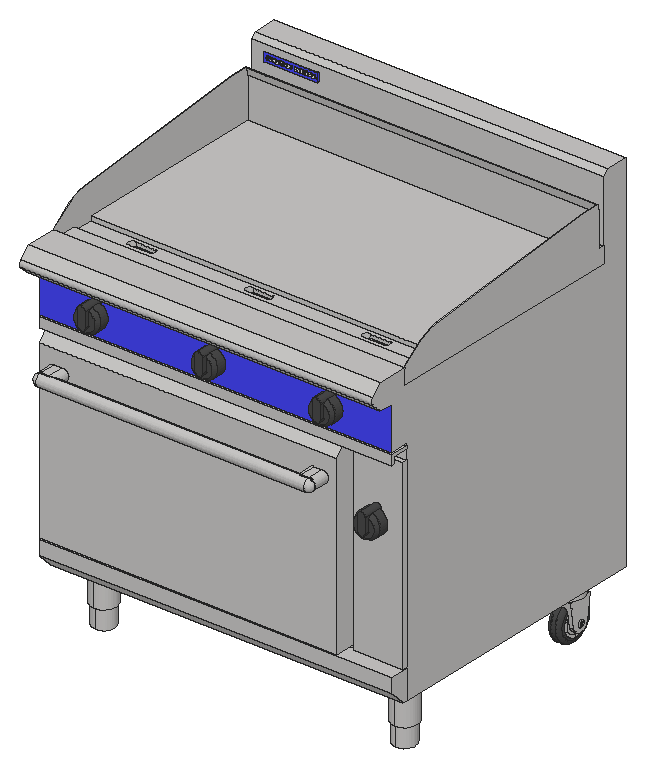
Revit family "QF_MOFFAT_BLUESEAL_CE_E56A", category Specialty Equipment, Revit 2012
Parameters
  Width = 900 mm  # constant formula
  Weight in Pounds = 440  # constant formula
  Watts = 16800 W
  Volts = 400 V
  URL Cutsheet = "www.moffat.com"
  URL = "www.moffat.com"
  Type Mark [instance] = ""
  Status [instance] = ""
  Specification by User [instance] = ""
  Specification by Manufacturer = ""
  Show Logo [instance] = yes
  Show Clearance [instance] = yes
  Show Casters [instance] = yes
  Serial Number = ""
  Seismic Rating = ""
  SMACNA No = ""
  Revision Code [instance] = ""
  Phase = 3
  Omniclass Number and Title = ""
  Number of Poles [instance] = 1
  NAFEM Spec ID Number = ""
  Model = "E56A"
  Min Ckt Ampacity = 0 A
  Max Overcurrent Protection = 0 A
  Masterspec = ""
  Manufacturer = "MOFFAT BLUESEAL"
  Legs [instance] = not(Show Casters)  # no
  Item Number [instance] = ""
  Installed By [instance] = ""
  Identify Quantity as Lot [instance] = yes
  Height = 970 mm  # constant formula
  HP = ""
  Furnished By [instance] = ""
  Foodservice Equipment Identifier [instance] = yes
  FL Amps = 20.9 A
  Electrical Remarks = "29.3A PER PHASE"
  Electric Connection Type = ""
  Elec Conn RI Height = 0 mm
  Elec Conn Connection Height = 0 mm
  Description = "900MM ELECTRIC RANGE WITH CONVECTION OVEN"
  Depth = 812 mm  # constant formula
  Cycle = 50 Hz
  Conn Plug = ""
  Conn Conduit = yes
  CSI MasterFormat = ""
  CSI Master Format = ""
  Body Finish = QF_Finishes_Stainless Steel
  Apparent Power = 0 VA
Reference planes
  plane 1 "BACK": y = 0
  plane 2: z = 0
  plane 3 "LEFT": x = 0
  plane 4 "RIGHT": x = 900
  plane 5 "FRONT": y = -812
  plane 6 "TOP": z = 970
  plane 7 "Center Y": x = 450
  plane 8 "Center X": y = -406
  plane 9: x = 280
  plane 10: y = -574.272
  plane 11: y = -304.972
  plane 12: y = -364.972
  plane 13: y = -812
  plane 14: x = 834.5
  plane 15: y = -32
  plane 16: z = 655
  plane 17: y = -100
  plane 18: z = 1085
  plane 19: y = -705
Forms (mm)
  Extrusion 1, solid, material "QF_Finishes_Stainless Steel" <- "Body Finish"
    sketch origin (0, 0, 0) x (0, 1, 0) y (0, 0, 1)
      loop
        line (0, 150) -> (0, 1085) -> (-57.5, 1085) -> (-70, 1072.5) -> (-70, 875) -> (-705, 875) -> (-705, 915) -> (-783.97, 915) -> (-808.476, 890.494)
        arc (-808.476, 890.494) -> (-811.994, 882) -> (-808.476, 873.506) r 12.013
        line (-808.476, 873.506) -> (-784.97, 850) -> (-749, 850) -> (-749, 740) -> (-699, 740) -> (-699, 150) -> (0, 150)
    from 0 to 900
  Extrusion 2, solid, material "QF_Finishes_Stainless Steel"
    sketch origin (0, 7, 0) x (0, 1, 0) y (0, 0, 1)
      loop
        line (-706, 700) -> (-732, 700) -> (-756, 676) -> (-756, 227.5) -> (-706, 227.5) -> (-706, 700)
    from 0 to 760
  Extrusion 3, solid, material "QF_Finishes_Stainless Steel"
    sketch origin (723.5, 7, 0) x (0, 1, 0) y (0, 0, 1)
      loop
        line (-706, 700) -> (-721, 700) -> (-721, 227.5) -> (-706, 227.5) -> (-706, 700)
    from 51.5 to 176.5
  Revolve 4, solid, material "QF_Finishes_Stainless Steel" <- "Body Finish"
    sketch origin (834.5, -696.126, 0) x (0, 1, 0) y (0, 0, -1)
      loop
        line (39.376, -150) -> (71.126, -150) -> (71.126, 0) -> (43.626, 0) -> (43.626, -50) -> (39.376, -50) -> (39.376, -150)
      axis (71.126, -150) -> (71.126, 0)
    angle from 0 to 360
  Revolve 5, solid, material "QF_Finishes_Stainless Steel" <- "Body Finish"
    sketch origin (65.5, -696.126, 0) x (0, 1, 0) y (0, 0, 1)
      loop
        line (39.376, 150) -> (39.376, 50) -> (43.626, 50) -> (43.626, 0) -> (71.126, 0) -> (71.126, 150) -> (39.376, 150)
      axis (71.126, 150) -> (71.126, 0)
    angle from 0 to 360
  Extrusion 6, solid, material "QF_Finishes_Stainless Steel"
    sketch origin (-64.5, 0, 325) x (1, 0, 0) y (0, 1, 0)
      loop
        circle (834.5, -32) r 10
    from 330 to 371
  Revolve 7, solid, material "QF_Finishes_Black"
    sketch origin (750, 45.874, -0.118) x (0, 1, 0) y (0, 0, 1)
      loop
        line (-827.874, 829.5) -> (-838.874, 823.651) -> (-838.874, 797) -> (-794.874, 797) -> (-794.874, 802) -> (-804.874, 802) -> (-804.874, 829.5) -> (-827.874, 829.5)
      axis (-838.874, 797) -> (-794.874, 797)
    angle from 0 to 360
  Revolve 8, solid, material "QF_Finishes_Black"
    sketch origin (150, 45.874, -0.118) x (0, 1, 0) y (0, 0, -1)
      loop
        line (-827.874, -829.5) -> (-804.874, -829.5) -> (-804.874, -802) -> (-794.874, -802) -> (-794.874, -797) -> (-838.874, -797) -> (-838.874, -823.651) -> (-827.874, -829.5)
      axis (-838.874, -797) -> (-794.874, -797)
    angle from 0 to 360
  Revolve 9, solid, material "QF_Finishes_Black"
    sketch origin (450, 45.874, -0.118) x (0, 1, 0) y (0, 0, -1)
      loop
        line (-827.874, -829.5) -> (-804.874, -829.5) -> (-804.874, -802) -> (-794.874, -802) -> (-794.874, -797) -> (-838.874, -797) -> (-838.874, -823.651) -> (-827.874, -829.5)
      axis (-838.874, -797) -> (-794.874, -797)
    angle from 0 to 360
  Extrusion 10, solid, material "QF_Finishes_Black"
    sketch origin (297.807, 7, -0.118) x (-1, 0, 0) y (0, 0, -1)
      loop
        arc (158.3, -789) -> (148.3, -779) -> (138.3, -789) r 10
        line (138.3, -789) -> (138.3, -824)
        arc (138.3, -824) -> (148.3, -834) -> (158.3, -824) r 10
        line (158.3, -824) -> (158.3, -789)
    from 759 to 808
  Extrusion 11, solid, material "QF_Finishes_Black"
    sketch origin (602.193, 7, -0.118) x (1, 0, 0) y (0, 0, 1)
      loop
        line (158.3, 789) -> (158.3, 824)
        arc (158.3, 824) -> (148.3, 834) -> (138.3, 824) r 10
        line (138.3, 824) -> (138.3, 789)
        arc (138.3, 789) -> (148.3, 779) -> (158.3, 789) r 10
    from 759 to 808
  Extrusion 12, solid, material "QF_Finishes_Black"
    sketch origin (597.807, 7, -0.118) x (-1, 0, 0) y (0, 0, -1)
      loop
        arc (158.3, -789) -> (148.3, -779) -> (138.3, -789) r 10
        line (138.3, -789) -> (138.3, -824)
        arc (138.3, -824) -> (148.3, -834) -> (158.3, -824) r 10
        line (158.3, -824) -> (158.3, -789)
    from 759 to 808
  Revolve 13, solid, material "QF_Finishes_Black"
    sketch origin (836.851, 80.874, -245.743) x (0, 1, 0) y (0, 0, 1)
      loop
        line (-827.874, 829.5) -> (-838.874, 823.651) -> (-838.874, 797) -> (-794.874, 797) -> (-794.874, 802) -> (-804.874, 802) -> (-804.874, 829.5) -> (-827.874, 829.5)
      axis (-838.874, 797) -> (-794.874, 797)
    angle from 0 to 360
  Extrusion 14, solid, material "QF_Finishes_Black"
    sketch origin (689.044, 42, -245.743) x (1, 0, 0) y (0, 0, 1)
      loop
        line (158.3, 789) -> (158.3, 824)
        arc (158.3, 824) -> (148.3, 834) -> (138.3, 824) r 10
        line (138.3, 824) -> (138.3, 789)
        arc (138.3, 789) -> (148.3, 779) -> (158.3, 789) r 10
    from 759 to 808
  Extrusion 15, solid, material "QF_Door-Drawer Clearances", visible <- "Show Clearance", detail levels coarse
    sketch origin (0, 7, 0) x (0, -1, 0) y (0, 0, 1)
      loop
        line (756, 697.347) -> (756, 227.5) -> (1225.847, 227.5)
        arc (1225.847, 227.5) -> (1088.232, 559.732) -> (756, 697.347) r 469.847
    from 0 to -760
  Extrusion 16, void
    sketch origin (0, 0, 220) x (1, 0, 0) y (0, 1, 0)
      loop
        line (824, -87) -> (824, 0) -> (694, 0) -> (694, -39) -> (744, -87) -> (824, -87)
    from 0 to 476
  Extrusion 17, solid, material "QF_Finishes_Stainless Steel"
    sketch origin (0, -749, 227.5) x (0, 0, 1) y (-1, 0, 0)
      loop
        line (380.625, -38.246) -> (380.625, -58.528)
        arc (380.625, -58.528) -> (395.625, -73.528) -> (410.625, -58.528) r 15
        line (410.625, -58.528) -> (410.625, -38.246)
        arc (410.625, -38.246) -> (395.625, -23.246) -> (380.625, -38.246) r 15
      loop
        arc (380.625, -723.039) -> (395.625, -738.039) -> (410.625, -723.039) r 15
        line (410.625, -723.039) -> (410.625, -702.757)
        arc (410.625, -702.757) -> (395.625, -687.757) -> (380.625, -702.757) r 15
        line (380.625, -702.757) -> (380.625, -723.039)
    from 0 to 44
  Revolve 18, solid, material "QF_Finishes_Stainless Steel"
    sketch origin (0, -793, 0) x (1, 0, 0) y (0, 0, 1)
      loop
        arc (738.039, 623.125) -> (733.646, 633.732) -> (723.039, 638.125) r 15
        line (723.039, 638.125) -> (38.246, 638.125)
        arc (38.246, 638.125) -> (27.64, 633.732) -> (23.246, 623.125) r 15
        line (23.246, 623.125) -> (738.039, 623.125)
      axis (738.039, 623.125) -> (23.246, 623.125)
    angle from 0 to 360
  Extrusion 19, solid, material "QF_Finishes_Stainless Steel" <- "Body Finish"
    sketch origin (0, 7, 0) x (0, 1, 0) y (0, 0, 1)
      loop
        line (-756, 710) -> (-747.224, 710) -> (-749.613, 726.999) -> (-707.93, 726.999) -> (-707.93, 734.003) -> (-756, 734.003) -> (-756, 710)
    from 0 to 900
  Extrusion 20, solid, material "QF_Finishes_Stainless Steel" <- "Body Finish"
    sketch origin (0, 4.73, 0) x (0, 1, 0) y (0, 0, 1)
      loop
        line (-753.73, 222.5) -> (-753.73, 186) -> (-717.73, 150) -> (-703.73, 150) -> (-703.73, 222.5) -> (-753.73, 222.5)
    from 0 to 900
  Extrusion 21, solid, material "QF_Finishes_Stainless Steel", visible <- "Show Casters"
    sketch origin (71.501, 133.353, -8.783) x (0, 1, 0) y (0, 0, 1)
      loop
        line (-201.603, 118.783) -> (-265.103, 118.783) -> (-252.746, 53.895)
        arc (-252.746, 53.895) -> (-233.353, 38.783) -> (-213.959, 53.895) r 20
        line (-213.959, 53.895) -> (-201.603, 118.783)
    from -35.667 to 22.923
  Revolve 22, solid, material "QF_Finishes_Stainless Steel", visible <- "Show Casters"
    sketch origin (65, -203, 0) x (0, 1, 0) y (0, 0, 1)
      loop
        line (67.25, 150) -> (67.25, 110) -> (103, 110) -> (103, 150) -> (67.25, 150)
      axis (103, 150) -> (103, 110)
    angle from 0 to 360
  Revolve 23, solid, material "QF_Finishes_Stainless Steel", visible <- "Show Casters"
    sketch origin (834.5, -203, 0) x (0, 1, 0) y (0, 0, -1)
      loop
        line (67.25, -150) -> (103, -150) -> (103, -110) -> (67.25, -110) -> (67.25, -150)
      axis (103, -150) -> (103, -110)
    angle from 0 to 360
  Revolve 24, solid, material "QF_Finishes_Stainless Steel", visible <- "Show Casters"
    sketch origin (785.276, -99.755, -13.653) x (1, 0, 0) y (0, 0, 1)
      loop
        line (14.841, 64.453) -> (83.584, 64.453) -> (83.584, 67.958) -> (82.314, 69.228) -> (80.79, 69.228) -> (80.79, 72.674) -> (68.644, 72.674) -> (68.644, 82.639) -> (65.088, 84.692) -> (63.738, 93.028) -> (65.881, 93.028) -> (65.881, 99.378) -> (65.088, 99.378) -> (65.088, 105.728)
        arc (65.088, 105.728) -> (62.298, 112.463) -> (55.563, 115.253) r 9.525
        line (55.563, 115.253) -> (42.863, 115.253)
        arc (42.863, 115.253) -> (36.127, 112.463) -> (33.338, 105.728) r 9.525
        line (33.338, 105.728) -> (33.338, 99.378) -> (32.544, 99.378) -> (32.544, 93.028) -> (34.687, 93.028) -> (33.352, 84.781) -> (29.782, 82.719) -> (29.782, 72.674) -> (17.635, 72.674) -> (17.635, 69.228) -> (16.111, 69.228) -> (14.841, 67.958) -> (14.841, 64.453)
      axis (14.841, 64.453) -> (83.584, 64.453)
    angle from 0 to 360
  Extrusion 25, solid, material "QF_Finishes_Stainless Steel", visible <- "Show Casters"
    sketch origin (841.001, 133.353, -8.783) x (0, 1, 0) y (0, 0, 1)
      loop
        line (-201.603, 118.783) -> (-265.103, 118.783) -> (-252.746, 53.895)
        arc (-252.746, 53.895) -> (-233.353, 38.783) -> (-213.959, 53.895) r 20
        line (-213.959, 53.895) -> (-201.603, 118.783)
    from -35.667 to 22.923
  Revolve 26, solid, material "QF_Finishes_Stainless Steel", visible <- "Legs"
    sketch origin (65, -165, 0) x (0, 1, 0) y (0, 0, 1)
      loop
        line (33.25, 150) -> (33.25, 50) -> (37.5, 50) -> (37.5, 0) -> (65, 0) -> (65, 150) -> (33.25, 150)
      axis (65, 150) -> (65, 0)
    angle from 0 to 360
  Revolve 27, solid, material "QF_Finishes_Stainless Steel", visible <- "Legs"
    sketch origin (834.5, -165, 0) x (0, 1, 0) y (0, 0, -1)
      loop
        line (33.25, -150) -> (65, -150) -> (65, 0) -> (37.5, 0) -> (37.5, -50) -> (33.25, -50) -> (33.25, -150)
      axis (65, -150) -> (65, 0)
    angle from 0 to 360
  Revolve 28, solid, material "QF_Finishes_Stainless Steel", visible <- "Show Casters"
    sketch origin (114.224, -99.755, -13.653) x (-1, 0, 0) y (0, 0, -1)
      loop
        line (14.841, -64.453) -> (14.841, -67.958) -> (16.111, -69.228) -> (17.635, -69.228) -> (17.635, -72.674) -> (29.782, -72.674) -> (29.782, -82.719) -> (33.352, -84.781) -> (34.687, -93.028) -> (32.544, -93.028) -> (32.544, -99.378) -> (33.338, -99.378) -> (33.338, -105.728)
        arc (33.338, -105.728) -> (36.127, -112.463) -> (42.863, -115.253) r 9.525
        line (42.863, -115.253) -> (55.563, -115.253)
        arc (55.563, -115.253) -> (62.298, -112.463) -> (65.088, -105.728) r 9.525
        line (65.088, -105.728) -> (65.088, -99.378) -> (65.881, -99.378) -> (65.881, -93.028) -> (63.738, -93.028) -> (65.088, -84.692) -> (68.644, -82.639) -> (68.644, -72.674) -> (80.79, -72.674) -> (80.79, -69.228) -> (82.314, -69.228) -> (83.584, -67.958) -> (83.584, -64.453) -> (14.841, -64.453)
      axis (14.841, -64.453) -> (83.584, -64.453)
    angle from 0 to 360
  Extrusion 29, solid, material "QF_Finishes_Stainless Steel"
    sketch origin (0, 0, 0) x (1, 0, 0) y (0, 1, 0)
      loop
        circle (826, -501) r 6.35
    from 150 to 147.817
Cuts and joins
  Extrusion 16 cuts Extrusion 1
Lines and regions (mm)
  Split face 1
    outline origin (900, 0, 1085) x (-1, 0, 0) y (0, -1, 0)
      loop
        arc (867.206, 18.385) -> (875.866, 23.385) -> (875.866, 33.385) r 10
        line (875.866, 33.385) -> (871.824, 40.385)
        arc (871.824, 40.385) -> (868.164, 44.045) -> (863.164, 45.385) r 10
        line (863.164, 45.385) -> (635.206, 45.385)
        arc (635.206, 45.385) -> (626.545, 40.385) -> (626.545, 30.385) r 10
        line (626.545, 30.385) -> (630.587, 23.385)
        arc (630.587, 23.385) -> (634.247, 19.725) -> (639.247, 18.385) r 10
        line (639.247, 18.385) -> (867.206, 18.385)
  Split face 2
    outline origin (900, 0, 1085) x (-1, 0, 0) y (0, -1, 0)
      loop
        arc (567.206, 18.385) -> (575.866, 23.385) -> (575.866, 33.385) r 10
        line (575.866, 33.385) -> (571.824, 40.385)
        arc (571.824, 40.385) -> (568.164, 44.045) -> (563.164, 45.385) r 10
        line (563.164, 45.385) -> (335.206, 45.385)
        arc (335.206, 45.385) -> (326.545, 40.385) -> (326.545, 30.385) r 10
        line (326.545, 30.385) -> (330.587, 23.385)
        arc (330.587, 23.385) -> (334.247, 19.725) -> (339.247, 18.385) r 10
        line (339.247, 18.385) -> (567.206, 18.385)
  Split face 3
    outline origin (900, 0, 1085) x (-1, 0, 0) y (0, -1, 0)
      loop
        arc (35.206, 45.385) -> (26.545, 40.385) -> (26.545, 30.385) r 10
        line (26.545, 30.385) -> (30.587, 23.385)
        arc (30.587, 23.385) -> (34.247, 19.725) -> (39.247, 18.385) r 10
        line (39.247, 18.385) -> (267.206, 18.385)
        arc (267.206, 18.385) -> (275.866, 23.385) -> (275.866, 33.385) r 10
        line (275.866, 33.385) -> (271.824, 40.385)
        arc (271.824, 40.385) -> (268.164, 44.045) -> (263.164, 45.385) r 10
        line (263.164, 45.385) -> (35.206, 45.385)
  symbolic lines
    curve 1: line (0, 0, 0) -> (0, -812, 0)
    curve 2: line (900, 0, 0) -> (0, 0, 0)
    curve 3: line (900, -812, 0) -> (900, 0, 0)
    curve 4: line (0, -70, 0) -> (900, -70, 0)
    curve 5: line (900, -812, 0) -> (0, -812, 0)
    curve 6: line (900, -705, 0) -> (0, -705, 0)
    curve 7: arc (22.65, -812, 0) -> (34.104, -822.278, 0) -> (48.889, -826.544, 0) r 34.455
    curve 8: line (48.889, -826.544, 0) -> (721.858, -826.544, 0)
    curve 9: arc (721.858, -826.544, 0) -> (736.403, -822.647, 0) -> (747.05, -812, 0) r 29.089
    curve 13: line (32.794, -18.385, 0) -> (260.753, -18.385, 0)
    curve 14: arc (260.753, -18.385, 0) -> (265.753, -19.725, 0) -> (269.413, -23.385, 0) r 10
    curve 15: line (269.413, -23.385, 0) -> (273.455, -30.385, 0)
    curve 16: arc (273.455, -30.385, 0) -> (273.455, -40.385, 0) -> (264.794, -45.385, 0) r 10
    curve 17: line (264.794, -45.385, 0) -> (36.836, -45.385, 0)
    curve 18: arc (36.836, -45.385, 0) -> (31.836, -44.045, 0) -> (28.176, -40.385, 0) r 10
    curve 19: line (28.176, -40.385, 0) -> (24.134, -33.385, 0)
    curve 20: arc (24.134, -33.385, 0) -> (24.134, -23.385, 0) -> (32.794, -18.385, 0) r 10
    curve 21: line (560.753, -18.385, 0) -> (332.794, -18.385, 0)
    curve 22: arc (332.794, -18.385, 0) -> (324.134, -23.385, 0) -> (324.134, -33.385, 0) r 10
    curve 23: line (324.134, -33.385, 0) -> (328.176, -40.385, 0)
    curve 24: arc (328.176, -40.385, 0) -> (331.836, -44.045, 0) -> (336.836, -45.385, 0) r 10
    curve 25: line (336.836, -45.385, 0) -> (564.794, -45.385, 0)
    curve 26: arc (564.794, -45.385, 0) -> (573.455, -40.385, 0) -> (573.455, -30.385, 0) r 10
    curve 27: line (573.455, -30.385, 0) -> (569.413, -23.385, 0)
    curve 28: arc (569.413, -23.385, 0) -> (565.753, -19.725, 0) -> (560.753, -18.385, 0) r 10
    curve 29: line (632.794, -18.385, 0) -> (860.753, -18.385, 0)
    curve 30: arc (860.753, -18.385, 0) -> (865.753, -19.725, 0) -> (869.413, -23.385, 0) r 10
    curve 31: line (869.413, -23.385, 0) -> (873.455, -30.385, 0)
    curve 32: arc (873.455, -30.385, 0) -> (873.455, -40.385, 0) -> (864.794, -45.385, 0) r 10
    curve 33: line (864.794, -45.385, 0) -> (636.836, -45.385, 0)
    curve 34: arc (636.836, -45.385, 0) -> (631.836, -44.045, 0) -> (628.176, -40.385, 0) r 10
    curve 35: line (628.176, -40.385, 0) -> (624.134, -33.385, 0)
    curve 36: arc (624.134, -33.385, 0) -> (624.134, -23.385, 0) -> (632.794, -18.385, 0) r 10
    curve 37: line (0, -783.97, 0) -> (900, -783.97, 0)
    curve 38: line (0, -57.5, 0) -> (900, -57.5, 0)
  symbolic lines, style "QF_Door-Drawer Clearances"
    curve 10: line (0, -1218.847, 0) -> (0, -812, 0)
    curve 11: line (0, -1218.847, 0) -> (760, -1218.847, 0)
    curve 12: line (760, -1218.847, 0) -> (760, -812, 0)
  symbolic lines, style "SpecialityEquipmentHiddenLines", visible <- "Show Casters"
    curve 39: line (106.952, -62.61, 0) -> (56.152, -150.598, 0)
    curve 40: line (79.456, -46.735, 0) -> (106.952, -62.61, 0)
    curve 41: line (28.656, -134.723, 0) -> (79.456, -46.735, 0)
    curve 42: line (56.152, -150.598, 0) -> (28.656, -134.723, 0)
    curve 43: line (866.952, -62.61, 0) -> (816.152, -150.598, 0)
    curve 44: line (839.456, -46.735, 0) -> (866.952, -62.61, 0)
    curve 45: line (788.656, -134.723, 0) -> (839.456, -46.735, 0)
    curve 46: line (816.152, -150.598, 0) -> (788.656, -134.723, 0)
Dimensions and locks
  equal spacing: plane 3 "LEFT", plane 7 "Center Y", plane 4 "RIGHT"
  "Width": plane 3 "LEFT" to plane 4 "RIGHT"
  equal spacing: plane 5 "FRONT", plane 8 "Center X", plane 1 "BACK"
  plane 5 "FRONT" to plane 1 "BACK" = 812 mm  (x2)
  equal spacing: plane 4 "RIGHT", plane 7 "Center Y", plane 3 "LEFT"
  plane 4 "RIGHT" to plane 3 "LEFT" = 900 mm
  "Height": plane 6 "TOP" to level
  plane 10 to plane 1 "BACK" = 574.272 mm
  plane 11 to plane 1 "BACK" = 304.972 mm  (x2)
  plane 9 to plane 3 "LEFT" = 280 mm
  "Depth": plane 1 "BACK" to plane 13
  plane 13 to plane 5 "FRONT" = 0 mm
  plane 6 "TOP" to plane 2 = 970 mm
  plane 2 to Extrusion 1 sketch curve = 875 mm
  locked: plane 2 to Extrusion 1 sketch curve at 915
  Revolve 24 sketch curve to Revolve 24 sketch curve = 50.8 mm
  Revolve 28 sketch curve to Revolve 28 sketch curve = 50.8 mm
  plane 18 to level = 1085 mm
  Extrusion 29 sketch curve to plane 1 "BACK" = 501 mm
  Extrusion 29 sketch curve to plane 4 "RIGHT" = 74 mm
  aligned and locked: level to plane 2
  aligned and locked: curve 3 to plane 4 "RIGHT"
Automatic sketch dimensions
  Extrusion 1 sketch curve to plane 19 = 0 mm
  Extrusion 1 sketch curve to plane 18 = 0 mm
  Extrusion 1 sketch curve to plane 1 "BACK" = 0 mm
  plane 19 to Extrusion 1 sketch curve = 44 mm
  Extrusion 1 sketch curve to plane 5 "FRONT" = 28.03 mm
  Extrusion 1 sketch curve to plane 5 "FRONT" = 27.03 mm
  Extrusion 1 sketch curve to plane 5 "FRONT" = 12.018 mm
  Extrusion 1 sketch curve to plane 5 "FRONT" = 3.524 mm  (x2)
  Extrusion 1 sketch curve to plane 19 = 6 mm
  Extrusion 1 sketch curve to plane 18 = 12.5 mm
  plane 17 to Extrusion 1 sketch curve = 30 mm
  Extrusion 1 sketch curve to Extrusion 1 sketch curve = 12.5 mm
  Extrusion 1 sketch curve to Extrusion 1 sketch curve = 41.494 mm
  Extrusion 1 sketch curve to Extrusion 1 sketch curve = 25 mm
  plane 16 to Extrusion 1 sketch curve = 85 mm
  level to Extrusion 1 sketch curve = 150 mm
  Extrusion 1 sketch curve to Extrusion 1 sketch curve = 8.494 mm
  plane 19 to Extrusion 2 sketch curve = 20 mm
  Extrusion 2 sketch curve to plane 19 = 6 mm
  level to Extrusion 2 sketch curve = 227.5 mm
  plane 19 to Extrusion 3 sketch curve = 9 mm
  Extrusion 3 sketch curve to plane 19 = 6 mm
  level to Extrusion 3 sketch curve = 227.5 mm
  plane 16 to Extrusion 3 sketch curve = 45 mm
  Revolve 4 sketch curve to level = 0 mm
  Revolve 4 sketch curve to plane 19 = 48.25 mm
  Revolve 4 sketch curve to Revolve 4 sketch curve = 4.25 mm
  Revolve 4 sketch curve to Revolve 4 sketch curve = 27.5 mm  (x2)
  level to Revolve 4 sketch curve = 50 mm
  Revolve 4 sketch curve to Revolve 4 sketch curve = 0 mm
  Revolve 4 sketch curve to Revolve 4 sketch curve = 100 mm
  Revolve 4 sketch curve to Revolve 4 sketch curve = 55 mm
  Revolve 5 sketch curve to level = 0 mm
  Revolve 5 sketch curve to plane 19 = 48.25 mm
  Revolve 5 sketch curve to Revolve 5 sketch curve = 4.25 mm
  Revolve 5 sketch curve to Revolve 5 sketch curve = 27.5 mm  (x2)
  Revolve 5 sketch curve to level = 55 mm
  Revolve 5 sketch curve to Revolve 5 sketch curve = 50 mm
  Revolve 5 sketch curve to Revolve 5 sketch curve = 0 mm
  Revolve 5 sketch curve to Revolve 5 sketch curve = 100 mm
  Extrusion 6 sketch curve to plane 15 = 0 mm
  Extrusion 6 sketch curve to plane 14 = 64.5 mm
  Revolve 7 sketch curve to plane 5 "FRONT" = 19 mm
  Revolve 7 sketch curve to Revolve 7 sketch curve = 0 mm  (x2)
  Revolve 7 sketch curve to Revolve 7 sketch curve = 11 mm
  Revolve 7 sketch curve to Revolve 7 sketch curve = 12.7 mm
  Revolve 7 sketch curve to Revolve 7 sketch curve = 23 mm
  Revolve 7 sketch curve to Revolve 7 sketch curve = 10 mm
  plane 16 to Revolve 7 sketch curve = 141.882 mm
  Revolve 7 sketch curve to Revolve 7 sketch curve = 5 mm
  Revolve 7 sketch curve to Revolve 7 sketch curve = 26.651 mm
  Revolve 7 sketch curve to Revolve 7 sketch curve = 5.849 mm
  Revolve 8 sketch curve to plane 5 "FRONT" = 19 mm
  Revolve 8 sketch curve to Revolve 8 sketch curve = 0 mm  (x2)
  Revolve 8 sketch curve to Revolve 8 sketch curve = 11 mm
  Revolve 8 sketch curve to Revolve 8 sketch curve = 12.7 mm
  Revolve 8 sketch curve to Revolve 8 sketch curve = 23 mm
  Revolve 8 sketch curve to Revolve 8 sketch curve = 10 mm
  Revolve 8 sketch curve to plane 6 "TOP" = 140.618 mm
  Revolve 8 sketch curve to Revolve 8 sketch curve = 5.849 mm
  Revolve 8 sketch curve to Revolve 8 sketch curve = 27.5 mm
  Revolve 8 sketch curve to Revolve 8 sketch curve = 5 mm
  Revolve 9 sketch curve to plane 5 "FRONT" = 19 mm
  Revolve 9 sketch curve to Revolve 9 sketch curve = 0 mm  (x2)
  Revolve 9 sketch curve to Revolve 9 sketch curve = 11 mm
  Revolve 9 sketch curve to Revolve 9 sketch curve = 12.7 mm
  Revolve 9 sketch curve to Revolve 9 sketch curve = 23 mm
  Revolve 9 sketch curve to Revolve 9 sketch curve = 10 mm
  Revolve 9 sketch curve to plane 6 "TOP" = 140.618 mm
  Revolve 9 sketch curve to Revolve 9 sketch curve = 5.849 mm
  Revolve 9 sketch curve to Revolve 9 sketch curve = 27.5 mm
  Revolve 9 sketch curve to Revolve 9 sketch curve = 5 mm
  Extrusion 10 sketch curve to Extrusion 10 sketch curve = 10 mm
  Extrusion 10 sketch curve to plane 6 "TOP" = 146.118 mm
  Extrusion 10 sketch curve to Extrusion 10 sketch curve = 35 mm
  Extrusion 11 sketch curve to plane 14 = 94.007 mm
  Extrusion 11 sketch curve to plane 14 = 84.007 mm
  plane 16 to Extrusion 11 sketch curve = 133.882 mm
  Extrusion 11 sketch curve to Extrusion 11 sketch curve = 35 mm
  plane 7 "Center Y" to Extrusion 12 sketch curve = 9.507 mm
  Extrusion 12 sketch curve to Extrusion 12 sketch curve = 10 mm
  Extrusion 12 sketch curve to plane 6 "TOP" = 146.118 mm
  Extrusion 12 sketch curve to Extrusion 12 sketch curve = 35 mm
  Revolve 13 sketch curve to plane 5 "FRONT" = 54 mm
  Revolve 13 sketch curve to Revolve 13 sketch curve = 0 mm  (x2)
  Revolve 13 sketch curve to Revolve 13 sketch curve = 11 mm
  Revolve 13 sketch curve to Revolve 13 sketch curve = 12.7 mm
  plane 19 to Revolve 13 sketch curve = 19 mm
  plane 19 to Revolve 13 sketch curve = 9 mm
  Revolve 13 sketch curve to plane 16 = 103.743 mm
  Revolve 13 sketch curve to Revolve 13 sketch curve = 5 mm
  Revolve 13 sketch curve to Revolve 13 sketch curve = 26.651 mm
  Revolve 13 sketch curve to Revolve 13 sketch curve = 5.849 mm
  Extrusion 14 sketch curve to plane 14 = 7.156 mm
  plane 14 to Extrusion 14 sketch curve = 2.844 mm
  Extrusion 14 sketch curve to plane 16 = 111.743 mm
  Extrusion 14 sketch curve to Extrusion 14 sketch curve = 35 mm
  plane 19 to Extrusion 15 sketch curve = 44 mm
  level to Extrusion 15 sketch curve = 227.5 mm
  plane 5 "FRONT" to Extrusion 15 sketch curve = 406.847 mm
  plane 1 "BACK" to Extrusion 16 sketch curve = 0 mm
  Extrusion 16 sketch curve to plane 15 = 7 mm
  Extrusion 16 sketch curve to plane 14 = 140.5 mm
  plane 17 to Extrusion 16 sketch curve = 13 mm
  Extrusion 16 sketch curve to Extrusion 16 sketch curve = 50 mm
  Extrusion 16 sketch curve to plane 14 = 10.5 mm
  Extrusion 17 sketch curve to plane 16 = 46.875 mm  (x2)
  Extrusion 17 sketch curve to Extrusion 17 sketch curve = 15 mm  (x2)
  Extrusion 17 sketch curve to plane 14 = 131.743 mm
  Extrusion 17 sketch curve to Extrusion 17 sketch curve = 20.282 mm  (x2)
  Revolve 18 sketch curve to plane 3 "LEFT" = 6.961 mm
  plane 3 "LEFT" to Revolve 18 sketch curve = 23.246 mm
  Revolve 18 sketch curve to plane 16 = 16.875 mm
  Revolve 18 sketch curve to Revolve 18 sketch curve = 15 mm
  Revolve 18 sketch curve to plane 16 = 31.875 mm
  plane 7 "Center Y" to Revolve 18 sketch curve = 138.039 mm
  Revolve 18 sketch curve to plane 14 = 111.461 mm
  plane 19 to Extrusion 19 sketch curve = 44 mm
  Extrusion 19 sketch curve to Extrusion 19 sketch curve = 6.387 mm
  Extrusion 19 sketch curve to Extrusion 19 sketch curve = 8.776 mm
  Extrusion 19 sketch curve to plane 19 = 4.07 mm
  plane 16 to Extrusion 19 sketch curve = 55 mm
  Extrusion 19 sketch curve to Extrusion 19 sketch curve = 16.999 mm
  Extrusion 19 sketch curve to Extrusion 19 sketch curve = 7.004 mm
  plane 19 to Extrusion 20 sketch curve = 44 mm
  Extrusion 20 sketch curve to Extrusion 20 sketch curve = 36.5 mm
  Extrusion 21 sketch curve to plane 17 = 0 mm
  Extrusion 21 sketch curve to plane 17 = 19.393 mm
  Extrusion 21 sketch curve to plane 17 = 31.75 mm
  plane 17 to Extrusion 21 sketch curve = 19.393 mm
  plane 17 to Extrusion 21 sketch curve = 31.75 mm
  level to Extrusion 21 sketch curve = 45.111 mm
  Extrusion 21 sketch curve to Extrusion 21 sketch curve = 4.889 mm
  Extrusion 21 sketch curve to Extrusion 21 sketch curve = 64.889 mm
  Revolve 22 sketch curve to plane 17 = 0 mm  (x2)
  Revolve 22 sketch curve to plane 17 = 35.75 mm
  Revolve 22 sketch curve to level = 55 mm
  level to Revolve 22 sketch curve = 50 mm
  Revolve 22 sketch curve to Revolve 22 sketch curve = 60 mm
  Revolve 22 sketch curve to Revolve 22 sketch curve = 40 mm
  Revolve 23 sketch curve to plane 17 = 0 mm  (x2)
  Revolve 23 sketch curve to plane 17 = 35.75 mm
  level to Revolve 23 sketch curve = 150 mm
  Revolve 23 sketch curve to Revolve 23 sketch curve = 40 mm
  level to Revolve 23 sketch curve = 50 mm
  Revolve 23 sketch curve to level = 55 mm
  Revolve 24 sketch curve to plane 14 = 34.382 mm
  Revolve 24 sketch curve to Revolve 24 sketch curve = 1.27 mm  (x4)
  Revolve 24 sketch curve to Revolve 24 sketch curve = 1.524 mm  (x2)
  Revolve 24 sketch curve to Revolve 24 sketch curve = 12.146 mm  (x2)
  Revolve 24 sketch curve to plane 14 = 16.68 mm
  Revolve 24 sketch curve to Revolve 24 sketch curve = 0.794 mm  (x2)
  Revolve 24 sketch curve to Revolve 24 sketch curve = 3.57 mm
  Revolve 24 sketch curve to Revolve 24 sketch curve = 2.143 mm
  Revolve 24 sketch curve to plane 14 = 6.361 mm
  plane 14 to Revolve 24 sketch curve = 5.13 mm
  plane 14 to Revolve 24 sketch curve = 6.339 mm
  plane 14 to Revolve 24 sketch curve = 14.515 mm
  Revolve 24 sketch curve to Revolve 24 sketch curve = 1.349 mm  (x2)
  Revolve 24 sketch curve to Revolve 24 sketch curve = 3.556 mm
  Revolve 24 sketch curve to plane 4 "RIGHT" = 2.18 mm
  level to Revolve 24 sketch curve = 50.8 mm
  Revolve 24 sketch curve to Revolve 24 sketch curve = 0 mm
  Revolve 24 sketch curve to Revolve 24 sketch curve = 3.505 mm  (x2)
  Revolve 24 sketch curve to Revolve 24 sketch curve = 3.447 mm  (x2)
  Revolve 24 sketch curve to Revolve 24 sketch curve = 9.964 mm
  Revolve 24 sketch curve to Revolve 24 sketch curve = 10.045 mm
  Revolve 24 sketch curve to Revolve 24 sketch curve = 2.053 mm
  Revolve 24 sketch curve to Revolve 24 sketch curve = 2.061 mm
  Revolve 24 sketch curve to Revolve 24 sketch curve = 8.247 mm
  Revolve 24 sketch curve to Revolve 24 sketch curve = 8.336 mm
  Revolve 24 sketch curve to Revolve 24 sketch curve = 6.35 mm  (x2)
  Extrusion 25 sketch curve to plane 17 = 0 mm
  Extrusion 25 sketch curve to plane 17 = 19.393 mm
  Extrusion 25 sketch curve to plane 17 = 31.75 mm
  plane 17 to Extrusion 25 sketch curve = 19.393 mm
  plane 17 to Extrusion 25 sketch curve = 31.75 mm
  level to Extrusion 25 sketch curve = 45.111 mm
  Extrusion 25 sketch curve to Extrusion 25 sketch curve = 4.889 mm
  Extrusion 25 sketch curve to Extrusion 25 sketch curve = 64.889 mm
  Revolve 26 sketch curve to level = 0 mm
  Revolve 26 sketch curve to plane 17 = 0 mm  (x2)
  Revolve 26 sketch curve to Revolve 26 sketch curve = 27.5 mm
  Revolve 26 sketch curve to Revolve 26 sketch curve = 31.75 mm
  Revolve 26 sketch curve to level = 55 mm
  Revolve 26 sketch curve to Revolve 26 sketch curve = 50 mm
  Revolve 26 sketch curve to Revolve 26 sketch curve = 0 mm
  Revolve 26 sketch curve to Revolve 26 sketch curve = 100 mm
  Revolve 27 sketch curve to level = 0 mm
  Revolve 27 sketch curve to plane 17 = 0 mm  (x2)
  Revolve 27 sketch curve to Revolve 27 sketch curve = 27.5 mm
  Revolve 27 sketch curve to Revolve 27 sketch curve = 31.75 mm
  level to Revolve 27 sketch curve = 50 mm
  Revolve 27 sketch curve to Revolve 27 sketch curve = 0 mm
  Revolve 27 sketch curve to Revolve 27 sketch curve = 100 mm
  Revolve 27 sketch curve to Revolve 27 sketch curve = 55 mm
  Revolve 28 sketch curve to Revolve 28 sketch curve = 1.27 mm  (x4)
  Revolve 28 sketch curve to Revolve 28 sketch curve = 1.524 mm  (x2)
  Revolve 28 sketch curve to Revolve 28 sketch curve = 0.794 mm  (x2)
  Revolve 28 sketch curve to Revolve 28 sketch curve = 3.57 mm
  Revolve 28 sketch curve to Revolve 28 sketch curve = 2.143 mm
  Revolve 28 sketch curve to Revolve 28 sketch curve = 1.349 mm  (x2)
  Revolve 28 sketch curve to Revolve 28 sketch curve = 3.556 mm
  Revolve 28 sketch curve to Revolve 28 sketch curve = 12.146 mm  (x2)
  Revolve 28 sketch curve to plane 3 "LEFT" = 2.68 mm
  level to Revolve 28 sketch curve = 101.6 mm
  Revolve 28 sketch curve to Revolve 28 sketch curve = 6.35 mm  (x4)
  Revolve 28 sketch curve to Revolve 28 sketch curve = 8.247 mm
  Revolve 28 sketch curve to Revolve 28 sketch curve = 8.336 mm
  Revolve 28 sketch curve to Revolve 28 sketch curve = 2.061 mm
  Revolve 28 sketch curve to Revolve 28 sketch curve = 2.053 mm
  Revolve 28 sketch curve to Revolve 28 sketch curve = 10.045 mm
  Revolve 28 sketch curve to Revolve 28 sketch curve = 9.964 mm
  Revolve 28 sketch curve to Revolve 28 sketch curve = 3.447 mm  (x2)
  Revolve 28 sketch curve to Revolve 28 sketch curve = 3.505 mm
  Split face 1 sketch curve to cut or joined group of Extrusion 1, Extrusion 16 = 27.115 mm
  Split face 1 sketch curve to cut or joined group of Extrusion 1, Extrusion 16 = 626.545 mm
  Split face 1 sketch curve to Split face 1 sketch curve = 4.041 mm  (x4)
  Split face 1 sketch curve to Split face 1 sketch curve = 8.66 mm  (x2)
  Split face 1 sketch curve to cut or joined group of Extrusion 1, Extrusion 16 = 12.115 mm
  Split face 1 sketch curve to Split face 1 sketch curve = 223.917 mm
  Split face 1 sketch curve to Split face 1 sketch curve = 7 mm  (x3)
  Split face 1 sketch curve to Split face 1 sketch curve = 17 mm
  Split face 2 sketch curve to cut or joined group of Extrusion 1, Extrusion 16 = 27.115 mm
  Split face 2 sketch curve to cut or joined group of Extrusion 1, Extrusion 16 = 326.545 mm
  Split face 2 sketch curve to cut or joined group of Extrusion 1, Extrusion 16 = 23.385 mm
  Split face 2 sketch curve to Split face 2 sketch curve = 4.041 mm  (x3)
  Split face 2 sketch curve to Split face 2 sketch curve = 8.66 mm  (x3)
  Split face 2 sketch curve to cut or joined group of Extrusion 1, Extrusion 16 = 12.115 mm
  Split face 2 sketch curve to Split face 2 sketch curve = 223.917 mm
  Split face 2 sketch curve to cut or joined group of Extrusion 1, Extrusion 16 = 18.385 mm
  Split face 2 sketch curve to Split face 2 sketch curve = 10 mm
  Split face 2 sketch curve to Split face 2 sketch curve = 7 mm
  Split face 3 sketch curve to cut or joined group of Extrusion 1, Extrusion 16 = 27.115 mm
  Split face 3 sketch curve to cut or joined group of Extrusion 1, Extrusion 16 = 26.545 mm
  Split face 3 sketch curve to cut or joined group of Extrusion 1, Extrusion 16 = 23.385 mm
  Split face 3 sketch curve to Split face 3 sketch curve = 4.041 mm  (x4)
  Split face 3 sketch curve to Split face 3 sketch curve = 8.66 mm  (x2)
  Split face 3 sketch curve to cut or joined group of Extrusion 1, Extrusion 16 = 22.115 mm
  Split face 3 sketch curve to Split face 3 sketch curve = 223.917 mm
  Split face 3 sketch curve to cut or joined group of Extrusion 1, Extrusion 16 = 17.115 mm
  Split face 3 sketch curve to Split face 3 sketch curve = 17 mm
  Split face 3 sketch curve to Split face 3 sketch curve = 7 mm
  Extrusion 2 sketch curve to Extrusion 2 sketch curve = 24 mm
  plane 16 to Extrusion 2 sketch curve = 21 mm
  plane 16 to Extrusion 2 sketch curve = 45 mm
  Extrusion 20 sketch curve to plane 19 = 6 mm
  level to Extrusion 20 sketch curve = 150 mm
  Extrusion 20 sketch curve to Extrusion 20 sketch curve = 36 mm
  plane 19 to Extrusion 20 sketch curve = 8 mm
  plane 3 "LEFT" to Extrusion 10 sketch curve = 159.507 mm
  plane 3 "LEFT" to Extrusion 17 sketch curve = 58.528 mm
  plane 3 "LEFT" to Revolve 28 sketch curve = 30.64 mm
  Revolve 28 sketch curve to Revolve 28 sketch curve = 9.525 mm
  Revolve 28 sketch curve to Revolve 28 sketch curve = 14.29 mm
  Revolve 28 sketch curve to Revolve 28 sketch curve = 12.7 mm
  Revolve 28 sketch curve to Revolve 28 sketch curve = 8.176 mm
  Revolve 28 sketch curve to Revolve 28 sketch curve = 0.808 mm
  plane 1 "BACK" to curve 1 = 0 mm
  curve 1 to plane 3 "LEFT" = 0 mm
  plane 5 "FRONT" to curve 7 = 0 mm
  plane 19 to curve 6 = 0 mm
  plane 3 "LEFT" to curve 7 = 22.65 mm
  curve 20 to plane 15 = 1.385 mm
  plane 3 "LEFT" to curve 20 = 24.134 mm
  curve 19 to curve 18 = 4.041 mm
  plane 3 "LEFT" to curve 41 = 28.656 mm
  plane 15 to curve 13 = 13.615 mm
  curve 20 to curve 13 = 8.66 mm
  curve 18 to curve 17 = 8.66 mm
  plane 5 "FRONT" to curve 8 = 14.544 mm
  curve 7 to curve 8 = 26.239 mm
  curve 7 to plane 5 "FRONT" = 19.857 mm
  curve 41 to curve 42 = 27.496 mm
  curve 40 to plane 15 = 14.735 mm
  curve 18 to curve 40 = 42.62 mm
  curve 13 to plane 9 = 19.247 mm
  curve 17 to plane 9 = 15.206 mm
  plane 15 to curve 14 = 8.615 mm
  curve 14 to curve 14 = 8.66 mm
  plane 15 to curve 16 = 1.615 mm
  curve 16 to plane 9 = 6.545 mm
  curve 23 to plane 15 = 1.385 mm
  plane 9 to curve 23 = 44.134 mm
  curve 23 to curve 24 = 4.041 mm
  plane 15 to curve 22 = 3.615 mm
  curve 22 to curve 22 = 8.66 mm
  curve 24 to curve 24 = 8.66 mm
  plane 7 "Center Y" to curve 28 = 110.753 mm
  curve 28 to curve 26 = 4.041 mm
  plane 15 to curve 27 = 8.615 mm
  curve 21 to curve 27 = 8.66 mm
  plane 15 to curve 27 = 1.615 mm
  curve 27 to curve 27 = 4.041 mm
  curve 36 to plane 15 = 1.385 mm
  curve 27 to curve 36 = 50.679 mm
  curve 35 to plane 15 = 8.385 mm
  curve 35 to curve 35 = 4.041 mm
  plane 15 to curve 29 = 13.615 mm
  curve 36 to curve 29 = 8.66 mm
  curve 34 to curve 34 = 8.66 mm
  curve 8 to plane 14 = 112.642 mm
  curve 45 to plane 17 = 34.723 mm
  curve 45 to plane 14 = 45.844 mm
  curve 9 to curve 9 = 25.191 mm
  curve 43 to plane 17 = 50.598 mm
  curve 45 to curve 43 = 27.496 mm
  curve 9 to curve 12 = 12.95 mm
  curve 45 to plane 15 = 14.735 mm
  plane 14 to curve 29 = 26.253 mm
  curve 30 to curve 32 = 4.041 mm  (x2)
  plane 15 to curve 31 = 8.615 mm
  curve 29 to curve 31 = 8.66 mm
  plane 15 to curve 32 = 1.615 mm
  curve 10 to curve 8 = 392.303 mm
  curve 37 to plane 5 "FRONT" = 28.03 mm
  curve 42 to plane 17 = 50.598 mm
  plane 17 to curve 4 = 30 mm
  curve 4 to curve 38 = 12.5 mm
  curve 32 to plane 15 = 13.385 mm
  curve 18 to plane 15 = 13.385 mm
  curve 25 to plane 15 = 13.385 mm
  curve 19 to curve 19 = 7 mm
  curve 23 to curve 23 = 7 mm
  radius of Extrusion 6 sketch curve = 10 mm
  radius of Extrusion 29 sketch curve = 6.35 mm
Nested families
  nested 1: "WALDORF LOGO_FACE BASE" at (32, -70, 1056.385) x (1, 0, 0) z (0, -1, 0), visible <- "Show Logo", type "WALDORF LOGO_FACE BASE", detail levels medium+fine
    with Show Logo yes
  nested 2: "ELECTRIC GRIDDLE PLATE 900" at (0, -85, 875), type "ELECTRIC GRIDDLE PLATE 900"
    with Width 900 mm, Type Mark "", Status "", Specification by User "", Show Clearance yes, Revision Code "", Number of Poles 1, Mechanical Remarks "", Mechanical Connection Type "", Item Number "", Installed By "", Identify Quantity as Lot yes, Gas RI Height 0 mm, Gas KW 0, Gas Input 0.0 Btu/h, Furnished By "", Foodservice Equipment Identifier yes, Electrical Remarks "", Electric Connection Type "", Elec Conn RI Height 0 mm, Elec Conn Connection Height 0 mm, Depth 620 mm
Connectors
  electrical at (826, -501, 147.817), driven by "Volts", driven by "Watts"
    settings: on Extrusion 29, index 5, voltage 400 V, apparent load 16800 VA, apparent load phase1 0 VA, apparent load phase2 0 VA, apparent load phase3 0 VA, power factor 1, load classification "Other", number of poles 1, system type 30, power factor state 1, is connector primary yes, connector utility no, sub classification motor no, connector description "ELECTRICAL CONNECTION"
Definition of nested family "WALDORF LOGO_FACE BASE"
  Parameters (values of type "WALDORF LOGO_FACE BASE")
    Show Logo [instance] = yes
    Default Elevation = 1219.2 mm
  Reference planes
    plane 1 "Center (Front/Back)": y = 0
    plane 2: z = 0
    plane 3 "Center (Left/Right)": x = 0
  Forms (mm)
    Extrusion 1, solid
      sketch origin (0, 0, 0) x (1, 0, 0) y (0, 1, 0)
        loop
          line (-1219.2, 1219.2) -> (-1219.2, -1219.2) -> (1219.2, -1219.2) -> (1219.2, 1219.2) -> (-1219.2, 1219.2)
      from 0 to -304.8
    Extrusion 2, solid, material "QF_Finishes_Blue", visible <- "Show Logo"
      sketch origin (0, -33.217, 0) x (1, 0, 0) y (0, 1, 0)
        loop
          arc (138, 31.942) -> (137.626, 32.844) -> (136.724, 33.217) r 1.276
          line (136.724, 33.217) -> (1.29, 33.217)
          arc (1.29, 33.217) -> (0.378, 32.839) -> (0, 31.927) r 1.29
          line (0, 31.927) -> (0, 11.507)
          arc (0, 11.507) -> (0.378, 10.595) -> (1.29, 10.217) r 1.29
          line (1.29, 10.217) -> (136.71, 10.217)
          arc (136.71, 10.217) -> (137.622, 10.595) -> (138, 11.507) r 1.29
          line (138, 11.507) -> (138, 31.942)
      from 0 to 1.588
    Extrusion 3, solid, material "QF_Finishes_White", visible <- "Show Logo"
      sketch origin (0, -33.217, 1.588) x (1, 0, 0) y (0, 1, 0)
        loop
          arc (108.946, 25.919) -> (107.613, 25.367) -> (107.061, 24.034) r 1.885
          line (107.061, 24.034) -> (107.061, 17.211) -> (112.704, 17.211) -> (112.704, 19.129) -> (115.546, 19.129) -> (115.546, 17.211) -> (121.584, 17.211) -> (121.584, 24.075)
          arc (121.584, 24.075) -> (121.043, 25.379) -> (119.739, 25.919) r 1.845
          line (119.739, 25.919) -> (108.946, 25.919)
        loop
          line (123.478, 25.919) -> (123.478, 17.163) -> (134.904, 17.163) -> (134.904, 19.129) -> (129.246, 19.129) -> (129.246, 25.919) -> (123.478, 25.919)
        loop
          line (112.704, 21.258) -> (115.546, 21.258) -> (115.546, 22.702)
          arc (115.546, 22.702) -> (115.344, 23.188) -> (114.858, 23.389) r 0.687
          line (114.858, 23.389) -> (113.363, 23.389)
          arc (113.363, 23.389) -> (112.897, 23.196) -> (112.704, 22.73) r 0.658
          line (112.704, 22.73) -> (112.704, 21.258)
        loop
          line (105.071, 25.919) -> (93.771, 25.919) -> (93.771, 17.163) -> (105.071, 17.163) -> (105.071, 19.063) -> (99.535, 19.063) -> (99.535, 20.437) -> (105.071, 20.437) -> (105.071, 22.278) -> (99.535, 22.278) -> (99.535, 23.587) -> (105.071, 23.587) -> (105.071, 25.919)
        loop
          line (91.104, 25.919) -> (79.541, 25.919)
          arc (79.541, 25.919) -> (78.558, 25.513) -> (78.152, 24.53) r 1.389
          line (78.152, 24.53) -> (78.152, 22.08)
          arc (78.152, 22.08) -> (78.558, 21.098) -> (79.541, 20.691) r 1.389
          line (79.541, 20.691) -> (86.346, 20.691) -> (86.346, 18.864) -> (83.266, 18.864) -> (83.266, 19.664) -> (78.152, 19.664) -> (78.152, 18.553)
          arc (78.152, 18.553) -> (78.558, 17.57) -> (79.541, 17.163) r 1.389
          line (79.541, 17.163) -> (91.063, 17.163)
          arc (91.063, 17.163) -> (92.045, 17.57) -> (92.452, 18.553) r 1.389
          line (92.452, 18.553) -> (92.452, 20.691)
          arc (92.452, 20.691) -> (92.045, 21.673) -> (91.063, 22.08) r 1.389
          line (91.063, 22.08) -> (83.266, 22.08) -> (83.266, 23.984) -> (86.346, 23.984) -> (86.346, 22.743) -> (92.452, 22.743) -> (92.452, 24.571)
          arc (92.452, 24.571) -> (92.057, 25.524) -> (91.104, 25.919) r 1.348
        loop
          line (70.705, 25.919) -> (59.405, 25.919) -> (59.405, 17.163) -> (70.705, 17.163) -> (70.705, 19.063) -> (65.169, 19.063) -> (65.169, 20.437) -> (70.705, 20.437) -> (70.705, 22.278) -> (65.169, 22.278) -> (65.169, 23.587) -> (70.705, 23.587) -> (70.705, 25.919)
        loop
          line (57.598, 25.919) -> (51.7, 25.919) -> (51.7, 20.18)
          arc (51.7, 20.18) -> (50.63, 19.11) -> (49.56, 20.18) r 1.07
          line (49.56, 20.18) -> (49.56, 25.919) -> (43.663, 25.919) -> (43.663, 19.049)
          arc (43.663, 19.049) -> (44.215, 17.716) -> (45.548, 17.163) r 1.885
          line (45.548, 17.163) -> (55.71, 17.163)
          arc (55.71, 17.163) -> (57.045, 17.716) -> (57.598, 19.051) r 1.887
          line (57.598, 19.051) -> (57.598, 25.919)
        loop
          line (31.62, 25.919) -> (31.62, 17.163) -> (43.046, 17.163) -> (43.046, 19.129) -> (37.388, 19.129) -> (37.388, 25.919) -> (31.62, 25.919)
        loop
          line (15.969, 25.919) -> (15.969, 17.163) -> (28.693, 17.163)
          arc (28.693, 17.163) -> (29.812, 17.627) -> (30.276, 18.746) r 1.582
          line (30.276, 18.746) -> (30.276, 20.447) -> (29.48, 21.243) -> (30.276, 22.039) -> (30.276, 24.332)
          arc (30.276, 24.332) -> (29.811, 25.454) -> (28.688, 25.919) r 1.587
          line (28.688, 25.919) -> (15.969, 25.919)
        loop
          line (21.449, 24.159) -> (21.449, 22.436) -> (23.862, 22.436)
          arc (23.862, 22.436) -> (24.723, 23.298) -> (23.862, 24.159) r 0.861
          line (23.862, 24.159) -> (21.449, 24.159)
        loop
          line (21.449, 20.244) -> (21.449, 18.522) -> (23.862, 18.522)
          arc (23.862, 18.522) -> (24.723, 19.383) -> (23.862, 20.244) r 0.861
          line (23.862, 20.244) -> (21.449, 20.244)
      from 0 to 0.2
    Extrusion 4, solid, material "QF_Finishes_Blue", visible <- "Show Logo"
      sketch origin (-126.498, -31.09, 1.588) x (1, 0, 0) y (0, 1, 0)
        loop
          line (136.738, 23.522) -> (136.738, 15.1)
          arc (136.738, 15.1) -> (140.756, 19.311) -> (136.738, 23.522) r 4.216
      from 0 to 0.2
    Extrusion 5, solid, material "QF_Finishes_Red", visible <- "Show Logo"
      sketch origin (146.849, -31.09, 1.588) x (-1, 0, 0) y (0, -1, 0)
        loop
          arc (136.738, -23.522) -> (140.756, -19.311) -> (136.738, -15.1) r 4.216
          line (136.738, -15.1) -> (136.738, -23.522)
      from 0 to 0.2
  Lines and regions (mm)
    Split face 1
      outline origin (-90.35, -30.793, 1.588) x (1, 0, 0) y (0, 1, 0)
        loop
          circle (100.54, 19.013) r 4.536
  Dimensions and locks
    aligned and locked: plane 2 to Extrusion 1
    aligned and locked: level to Extrusion 1
Definition of nested family "ELECTRIC GRIDDLE PLATE 900"
  Parameters (values of type "ELECTRIC GRIDDLE PLATE 900")
    Width [instance] = 900 mm
    Weight in Pounds = 0
    Watts = 0 W
    Volts = 0 V
    URL Cutsheet = ""
    Type Mark [instance] = ""
    Status [instance] = ""
    Specification by User [instance] = ""
    Specification by Manufacturer = ""
    Show Clearance [instance] = yes
    Serial Number = ""
    Seismic Rating = ""
    SMACNA No = ""
    Revision Code [instance] = ""
    Phase = 1
    Omniclass Number and Title = ""
    Number of Poles [instance] = 1
    NAFEM Spec ID Number = ""
    Min Ckt Ampacity = 0 A
    Mechanical Remarks [instance] = ""
    Mechanical Connection Type [instance] = ""
    Max Overcurrent Protection = 0 A
    Masterspec = ""
    Item Number [instance] = ""
    Installed By [instance] = ""
    Identify Quantity as Lot [instance] = yes
    HP = ""
    Gas Size = 0"
    Gas RI Height [instance] = 0 mm
    Gas KW [instance] = 0
    Gas Input [instance] = 0.0 Btu/h
    Gas Connection Height = 0 mm
    Furnished By [instance] = ""
    Foodservice Equipment Identifier [instance] = yes
    FL Amps = 0 A
    Electrical Remarks [instance] = ""
    Electric Connection Type [instance] = ""
    Elec Conn RI Height [instance] = 0 mm
    Elec Conn Connection Height [instance] = 0 mm
    Depth [instance] = 620 mm
    Cycle = 0 Hz
    Conn Plug = ""
    Conn Conduit = yes
    CSI MasterFormat = ""
    CSI Master Format = ""
    Apparent Power = if(Phase = 3, Volts * FL Amps * 1.73, Volts * FL Amps)  # 0 VA
  Reference planes
    plane 1 "BACK": y = 0
    plane 2: z = 0
    plane 3 "LEFT": x = 0
    plane 4 "RIGHT": x = 900
    plane 5 "FRONT": y = -620
    plane 6 "TOP": z = 142.5
    plane 7 "Center Y": x = 450
    plane 8 "Center X": y = -310
    plane 9: y = -530.997
    plane 10: y = -541.497
    plane 11: y = -503.25
    plane 12: y = -557.737
  Forms (mm)
    Extrusion 1, solid, material "QF_Finishes_Stainless Steel"
      sketch origin (0, 70.003, -874.5) x (0, 1, 0) y (0, 0, 1)
        loop
          line (-70, 875) -> (-70, 997.489) -> (-75.228, 1017) -> (-117.24, 1017) -> (-589.533, 971.523)
          arc (-589.533, 971.523) -> (-614.56, 965.803) -> (-637.306, 953.899) r 100
          line (-637.306, 953.899) -> (-690.003, 917) -> (-690.003, 875) -> (-70, 875)
      from 0 to 1.8
    Extrusion 2, solid, material "QF_Finishes_Stainless Steel"
      sketch origin (600, 70.003, -874.5) x (0, -1, 0) y (0, 0, 1)
        loop
          line (70, 875) -> (690.003, 875) -> (690.003, 917) -> (637.306, 953.899)
          arc (637.306, 953.899) -> (614.56, 965.803) -> (589.533, 971.523) r 100
          line (589.533, 971.523) -> (117.24, 1017) -> (75.228, 1017) -> (70, 997.489) -> (70, 875)
      from -300 to -298.8
    Extrusion 3, solid, material "QF_Finishes_Stainless Steel"
      sketch origin (150, 70.003, -874.5) x (0, 1, 0) y (0, 0, 1)
        loop
          line (-70, 894.5) -> (-573.253, 894.5) -> (-573.253, 884) -> (-627.74, 884) -> (-627.74, 894.5) -> (-690.003, 894.5) -> (-690.003, 874.5) -> (-55, 874.5) -> (-55, 914.5) -> (-70, 914.5) -> (-70, 894.5)
      from -150 to 750
    Extrusion 4, void
      sketch origin (150, -541.497, 10) x (0, -1, 0) y (1, 0, 0)
        loop
          arc (-7.497, 25) -> (-17.497, 35) -> (-27.497, 25) r 10
          line (-27.497, 25) -> (-27.497, -25)
          arc (-27.497, -25) -> (-17.497, -35) -> (-7.497, -25) r 10
          line (-7.497, -25) -> (-7.497, 25)
        loop
          arc (-7.497, 325) -> (-17.497, 335) -> (-27.497, 325) r 10
          line (-27.497, 325) -> (-27.497, 275)
          arc (-27.497, 275) -> (-17.497, 265) -> (-7.497, 275) r 10
          line (-7.497, 275) -> (-7.497, 325)
        loop
          arc (-7.497, 625) -> (-17.497, 635) -> (-27.497, 625) r 10
          line (-27.497, 625) -> (-27.497, 575)
          arc (-27.497, 575) -> (-17.497, 565) -> (-7.497, 575) r 10
          line (-7.497, 575) -> (-7.497, 625)
      from -41.4 to 40.142
    Extrusion 5, solid, material "QF_Finishes_Stainless Steel"
      sketch origin (0, 70.003, -874.5) x (0, 1, 0) y (0, 0, 1)
        loop
          line (-70, 875) -> (-70, 997.489) -> (-75.228, 1017) -> (-76.884, 1017) -> (-71.6, 997.278) -> (-71.6, 875) -> (-70, 875)
      from 0 to 898.8
  Cuts and joins
    Extrusion 4 cuts Extrusion 3
    joined: Extrusion 1, Extrusion 2, Extrusion 3, Extrusion 5
  Lines and regions (mm)
    symbolic lines
      curve 1: line (898.8, -503.25, 0) -> (0, -503.25, 0)
      curve 2: line (1.8, -557.737, 0) -> (898.8, -557.737, 0)
      curve 3: line (0, -620, 0) -> (900, -620, 0)
      curve 4: line (900, -5.225, 0) -> (0, -5.225, 0)
      curve 5: line (0, -5.225, 0) -> (0, -620, 0)
      curve 6: line (900, -620, 0) -> (900, -5.225, 0)
      curve 7: line (125, -514, 0) -> (175, -514, 0)
      curve 8: arc (175, -514, 0) -> (185, -524, 0) -> (175, -534, 0) r 10
      curve 9: line (175, -534, 0) -> (125, -534, 0)
      curve 10: arc (125, -534, 0) -> (115, -524, 0) -> (125, -514, 0) r 10
      curve 11: line (425, -514, 0) -> (475, -514, 0)
      curve 12: arc (475, -514, 0) -> (485, -524, 0) -> (475, -534, 0) r 10
      curve 13: line (475, -534, 0) -> (425, -534, 0)
      curve 14: arc (425, -534, 0) -> (415, -524, 0) -> (425, -514, 0) r 10
      curve 15: line (775, -534, 0) -> (725, -534, 0)
      curve 16: arc (725, -534, 0) -> (715, -524, 0) -> (725, -514, 0) r 10
      curve 17: line (725, -514, 0) -> (775, -514, 0)
      curve 18: arc (775, -514, 0) -> (785, -524, 0) -> (775, -534, 0) r 10
  Dimensions and locks
    equal spacing: plane 3 "LEFT", plane 7 "Center Y", plane 4 "RIGHT"
    "Width": plane 3 "LEFT" to plane 4 "RIGHT"
    equal spacing: plane 5 "FRONT", plane 8 "Center X", plane 1 "BACK"
    "Depth": plane 5 "FRONT" to plane 1 "BACK"
    locked: Extrusion 2 to Extrusion 2 at 1.2
    aligned and locked: level to plane 2
    aligned and locked: Extrusion 2 to plane 4 "RIGHT"
    aligned and locked: curve 1 to plane 11
    aligned and locked: plane 12 to curve 2
    aligned and locked: Extrusion 5 to cut or joined group of Extrusion 1, Extrusion 2, Extrusion 3, Extrusion 4, Extrusion 5
    aligned and locked: cut or joined group of Extrusion 1, Extrusion 2, Extrusion 3, Extrusion 4, Extrusion 5 to plane 4 "RIGHT"
    aligned and locked: cut or joined group of Extrusion 1, Extrusion 2, Extrusion 3, Extrusion 4, Extrusion 5 to plane 3 "LEFT"
  Automatic sketch dimensions
    Extrusion 1 sketch curve to plane 5 "FRONT" = 0 mm
    Extrusion 1 sketch curve to plane 6 "TOP" = 0 mm
    plane 12 to Extrusion 1 sketch curve = 9.566 mm
    plane 11 to Extrusion 1 sketch curve = 16.28 mm
    Extrusion 1 sketch curve to level = 2.516 mm
    plane 11 to Extrusion 1 sketch curve = 6.695 mm
    plane 1 "BACK" to Extrusion 1 sketch curve = 47.237 mm
    plane 1 "BACK" to Extrusion 1 sketch curve = 5.225 mm
    Extrusion 1 sketch curve to plane 1 "BACK" = 0.003 mm
    level to Extrusion 1 sketch curve = 0.5 mm
    Extrusion 1 sketch curve to Extrusion 1 sketch curve = 42 mm
    Extrusion 1 sketch curve to plane 6 "TOP" = 63.101 mm
    Extrusion 1 sketch curve to plane 6 "TOP" = 19.511 mm
    Extrusion 2 sketch curve to plane 6 "TOP" = 0 mm
    Extrusion 2 sketch curve to plane 5 "FRONT" = 0 mm
    plane 12 to Extrusion 2 sketch curve = 9.566 mm
    plane 11 to Extrusion 2 sketch curve = 16.28 mm
    Extrusion 2 sketch curve to level = 2.516 mm
    plane 11 to Extrusion 2 sketch curve = 6.695 mm
    plane 1 "BACK" to Extrusion 2 sketch curve = 47.237 mm
    plane 1 "BACK" to Extrusion 2 sketch curve = 5.225 mm
    Extrusion 2 sketch curve to plane 1 "BACK" = 0.003 mm
    level to Extrusion 2 sketch curve = 0.5 mm
    Extrusion 2 sketch curve to Extrusion 2 sketch curve = 42 mm
    Extrusion 2 sketch curve to plane 6 "TOP" = 63.101 mm
    Extrusion 2 sketch curve to plane 6 "TOP" = 19.511 mm
    plane 1 "BACK" to Extrusion 5 sketch curve = 5.225 mm
    Extrusion 5 sketch curve to plane 1 "BACK" = 0.003 mm
    Extrusion 5 sketch curve to plane 6 "TOP" = 19.511 mm
    Extrusion 5 sketch curve to Extrusion 5 sketch curve = 1.6 mm
    Extrusion 5 sketch curve to Extrusion 5 sketch curve = 0.211 mm
    Extrusion 5 sketch curve to plane 6 "TOP" = 0 mm
    Extrusion 5 sketch curve to Extrusion 5 sketch curve = 1.656 mm
    level to Extrusion 5 sketch curve = 0.5 mm
    plane 5 "FRONT" to curve 3 = 0 mm
    plane 3 "LEFT" to curve 2 = 1.8 mm
    plane 3 "LEFT" to curve 4 = 0 mm
    plane 4 "RIGHT" to curve 2 = 1.2 mm
    plane 4 "RIGHT" to curve 3 = 0 mm
    plane 4 "RIGHT" to curve 1 = 1.2 mm
    plane 1 "BACK" to curve 6 = 5.225 mm
    Extrusion 3 sketch curve to plane 5 "FRONT" = 0 mm
    Extrusion 3 sketch curve to plane 12 = 0 mm
    Extrusion 3 sketch curve to plane 11 = 0 mm
    Extrusion 3 sketch curve to plane 1 "BACK" = 0.003 mm
    level to Extrusion 3 sketch curve = 0 mm
    Extrusion 3 sketch curve to Extrusion 3 sketch curve = 15 mm
    level to Extrusion 3 sketch curve = 9.5 mm
    Extrusion 3 sketch curve to Extrusion 3 sketch curve = 10.5 mm
    Extrusion 3 sketch curve to Extrusion 3 sketch curve = 20 mm  (x2)
    plane 11 to Extrusion 4 sketch curve = 10.75 mm  (x3)
    Extrusion 4 sketch curve to Extrusion 4 sketch curve = 10 mm  (x3)
    plane 3 "LEFT" to Extrusion 4 sketch curve = 125 mm
    Extrusion 4 sketch curve to Extrusion 4 sketch curve = 50 mm  (x2)
    Extrusion 4 sketch curve to plane 7 "Center Y" = 25 mm
    plane 7 "Center Y" to Extrusion 4 sketch curve = 25 mm
    plane 4 "RIGHT" to Extrusion 4 sketch curve = 175 mm
    plane 11 to curve 10 = 20.75 mm
    plane 3 "LEFT" to curve 10 = 125 mm
    curve 8 to plane 12 = 23.737 mm
    curve 9 to curve 8 = 50 mm
    curve 13 to plane 7 "Center Y" = 25 mm
    plane 7 "Center Y" to curve 13 = 25 mm
    curve 13 to plane 12 = 23.737 mm
    curve 14 to curve 14 = 10 mm
    plane 11 to curve 16 = 20.75 mm
    plane 4 "RIGHT" to curve 16 = 175 mm
    curve 15 to plane 12 = 23.737 mm
    curve 15 to curve 15 = 50 mm
